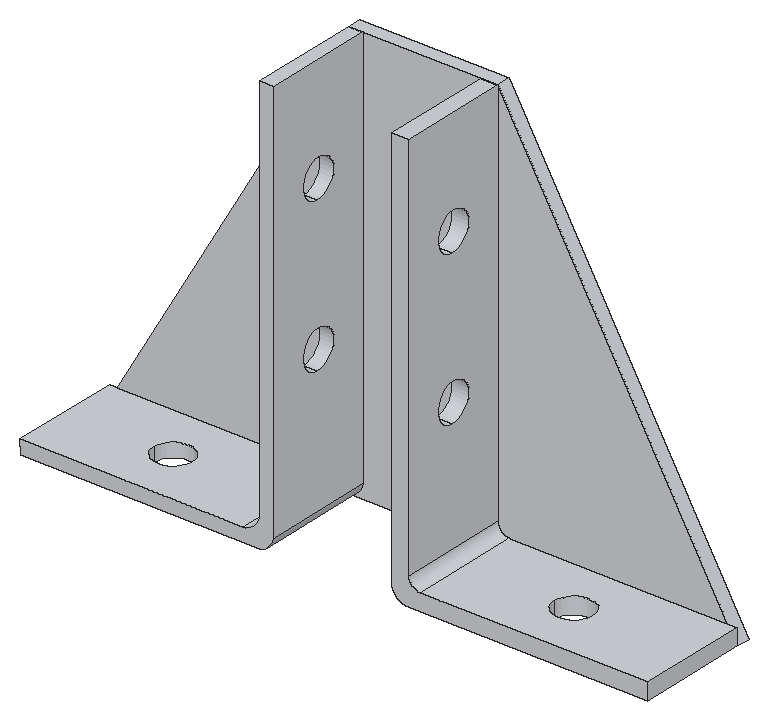
Revit family "MP36", category Generic Models, Revit 2017
Family settings
  Can host rebar = No
  Round Connector Dimension = Use Diameter
  Part Type = Normal
  Work Plane-Based = Yes
  Always vertical = No
  Cut with Voids When Loaded = No
  Shared = No
  Room Calculation Point = No
Parameters (values of type "NBS Standard Parameters")
  Weight = "1.562Kg"
  WarrantyStartDate [instance] = "1900-12-31T23:59:59"
  WarrantyGuarantorParts = "n/a"
  WarrantyGuarantorLabor = "n/a"
  WarrantyDurationUnit = "1 year"
  WarrantyDurationParts = "n/a"
  WarrantyDurationLabor = "n/a"
  WarrantyDescription = "n/a"
  Version = "1"
  Uniclass2 = "Pr_65_70_11_19"
  TagNumber [instance] = "n/a"
  SustainabilityPerformance = "n/a"
  Size = "n/a"
  Shape = "n/a"
  SerialNumber [instance] = "n/a"
  Revision = "n/a"
  ReplacementCost = "n/a"
  ProductInformation = "www.metpro.co.uk/pdf/mp36.pdf"
  NominalWidth = 45 mm
  NominalLength = 214 mm
  NominalHeight = 153 mm
  Name = ""
  NBSTypeID = ""
  NBSReference = "90-55-10/305"
  NBSOfficeMasterTag = ""
  NBSNote = ""
  NBSDescription = "Channel Cable Supports"
  NBSCertification = ""
  ModelReference = "MP36"
  ModelNumber = "n/a"
  Material = "Steel"
  ManufacturerURL = "www.metpro.co.uk"
  ManufacturerName = "Metpro Ltd"
  Keynote = "Compliant to LU Standard 1-085"
  InstallationDate [instance] = "1900-12-31T23:59:59"
  IfcExportType = ""
  IfcExportAs = ""
  Grade = "n/a"
  Finish = "Hot Dipped Galvanised"
  Features = "n/a"
  ExpectedLife = "n/a"
  DurationUnit = "year"
  Description = "MP36  SingelChannel Gusset Base Plate"
  Default Elevation = 1219.2 mm
  Constituents = "n/a"
  Color = "n/a"
  CodePerformance = "n/a"
  Category = "n/a"
  BarCode [instance] = "n/a"
  BIMObjectName = "metpro_metprolibrary_channelcablesupports_channelbracket"
  Author = "Metpro Ltd"
  AssetType = ""
  AssetIdentifier [instance] = "n/a"
  AccessibilityPerformance = "n/a"
Reference planes
  plane 1 "Center (Front/Back)": y = 0
  plane 2: z = 0
  plane 3 "Center (Left/Right)": x = 0
Forms (mm)
  Extrusion 1, solid
    sketch origin (68.101, 123.939, -59.346) x (1, 0, 0) y (0, 0, 1)
      loop
        line (-32.862, 152.028) -> (-32.862, 12.664)
        arc (-32.862, 12.664) -> (-34.619, 8.421) -> (-38.862, 6.664) r 6
        line (-38.862, 6.664) -> (-118.862, 6.664) -> (-118.862, 1.664) -> (-32.862, 1.664)
        arc (-32.862, 1.664) -> (-29.547, 3.349) -> (-27.862, 6.664) r 6
        line (-27.862, 6.664) -> (-27.862, 152.028) -> (-32.862, 152.028)
      loop
        arc (14.638, 7.58) -> (16.056, 3.707) -> (19.638, 1.664) r 6
        line (19.638, 1.664) -> (106.638, 1.664) -> (106.638, 7.664) -> (24.638, 7.664)
        arc (24.638, 7.664) -> (21.81, 8.835) -> (20.638, 11.664) r 4
        line (20.638, 11.664) -> (20.638, 152.028) -> (14.638, 152.028) -> (14.638, 7.58)
    from 0 to 40
  Extrusion 2, solid
    sketch origin (68.101, 123.939, -59.346) x (-1, 0, 0) y (0, 0, 1)
      loop
        line (32.862, 152.028) -> (-20.638, 152.028) -> (-106.638, 1.664) -> (118.862, 1.664) -> (32.862, 152.028)
    from 0 to 5
  Extrusion 3, void
    sketch origin (128.24, 123.939, -2.393) x (0, 0, 1) y (0, 1, 0)
      loop
        circle (56.797, -20) r 7
      loop
        circle (1.797, -20) r 7
    from 39.5 to 93
  Extrusion 4, void
    sketch origin (46.628, 123.939, -57.682) x (1, 0, 0) y (0, 1, 0)
      loop
        circle (-58.388, -20) r 7
      loop
        circle (85.398, -20) r 7
    from 0 to 6
Cuts and joins
  Extrusion 3, Extrusion 4 cuts Extrusion 1
Dimensions and locks
  aligned and locked: level to plane 2
